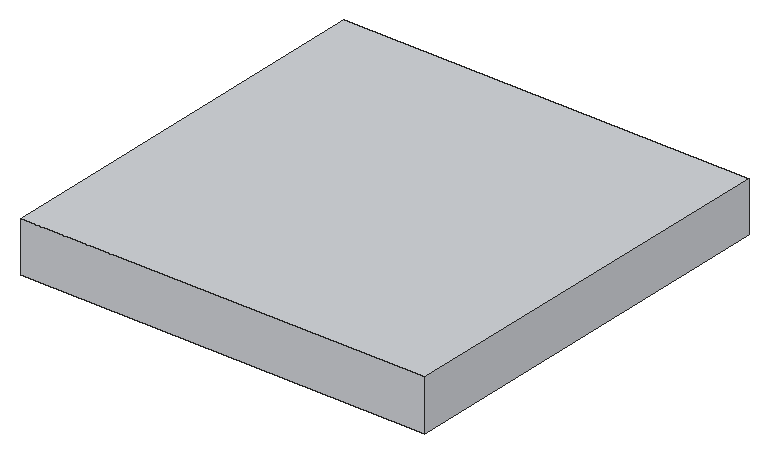
Revit family "05-E152-CA-CL", category Luminarias, Revit 2017
Family settings
  Anfitrión = Cara
  Cota de conector redondo = Diámetro de uso
  Tipo de pieza = Normal
  Número OmniClass = 23.80.70.00
  Título OmniClass = Lighting
  Corte con vacíos al cargar = No
  Origen de luz = No
  Compartido = Sí
  Punto de cálculo de habitación = No
Parameters (values of type "05-E152-CA-CL")
  Versión = "v1"
  Vatios (W) = 4.1
  Tipo de regulación = ""
  Tipo = "Proyector"
  Tender text (English) = "LEDS C4\nThor ø26mm\n05-E152-CA-CL\n\nLED Spotlight for outdoor use. \n\nFor downlighting.. Suitable for installation in marine environments. Cable meters included: 2. Adjustable light source. Structure material: Stainless steel AISI316. Structure finish: Polished. Diffuser material: Glass. Diffuser finish: Transparent. UV protection. Warranty: 5 Years.\n\nProduct net weight (Kg): 0.280\nProduct length (mm): 62\nProduct width or diameter (mm): 30\nProduct height (mm): MAX.89\n\nClass 3. IP: IP65. IK: IK02. LED. No. of lampholders or LEDs: 1. LED brand: CREE. Driver brand: TITANIC. Maximum power of light source: 2W. Colour temperature: LED warm-white 3000K. Colour rendering index: 80. MacAdam Steps: 3. Maximum diameter of luminaire bulb: 50.000h L80B20. UGR:  25.7. Photobiological risk: RG2. Real flux (lm): 169. Lm/Real W: 41. Voltage and frequency range: 24-48. Voltage: 12. Gear included: No, but it is needed. Total power: 4.1."
  Tender text (Castellano) = "LEDS C4\nThor ø26mm\n05-E152-CA-CL\n\nProyector LED de uso exterior para iluminar hacia abajo. \nApto para instalar en ambientes con atmósfera marina. Metros cable incluido: 2. Fuente de luz orientable. Material estructura: Acero inoxidable AISI 316. Acabado estructura: Pulido. Material difusor: Cristal. Acabado difusor: Transparente. Protección contra los rayos ultravioleta. Garantía: 5 Años.\n\nPeso neto del producto (Kg): 0.280\nLongitud del producto (mm): 62\nAnchura o diámetro del producto (mm): 30\nAltura del producto (mm): MAX.89\n\nClase 3. IP: IP65. IK: IK02. LED. Nº de portalámparas o Leds: 1. Marca del LED: CREE. Marca del Driver: TITANIC. Potencia máxima de la fuente de luz: 2W. Temperatura de color: Blanco cálido - 3000K. Índice de reproducción cromática: 80. Steps Mac Adam: 3. Diámetro máximo de la bombilla que admite la luminaria: 50.000h L80B20. UGR:  25.7. Riesgo fotobiológico: RG2. Flujo real (lm): 169. Lm/W reales: 41. Rango de voltaje/frecuencia: 24-48. Voltaje: 12. Equipo incluido: No, pero lo necesita. Potencia total: 4.1."
  Temperatura color led (K) = "Blanco cálido - 3000K"
  Referencia = "05-E152-CA-CL"
  Rayo de luz = "EXTRA MEDIUM, 36º"
  Producto descatalogado = "Catalogado ES"
  Pluma comercial = ""
  Peso neto (KG) = 0.28
  Material = "Acero inoxidable AISI 316, Cristal"
  Lumenes reales (lm) = 169
  LDT = "http://files.leds-c4.com/ldt/05-E152-CA-CL.html"
  Imagen web = "http://files.leds-c4.com/main-photo/05-E152-CA-CL"
  IfcExportType = "NOTDEFINED"
  IfcExportAs = "IfcLightFixture\r\nIfcLightFixture"
  IP = "IP65"
  IMC = "http://files.leds-c4.com/imc/05-E152-CA-CL.html"
  IK = "IK02"
  Fuente de luz = ""
  Fotometría = "http://files.leds-c4.com/fm/05-E152-CA-CL.html"
  Ficha = "http://files.leds-c4.com/ft/es/05-E152-CA-CL.html"
  FechaVersion = "Julio 2020"
  Familia = "Thor ø26mm"
  Fabricante = "LEDS C4"
  Etiqueta V/f = "24-48 VDC"
  Elevación por defecto = 1000 mm
  Eficiencia energética = "LED A++"
  EAN13 = "8435575319578"
  DescripcionUniformat2010 = "Lighting"
  DescripcionUniclass2015 = "Lighting"
  DescripcionOmniclass = "Lighting"
  DescripcionGubimclass = "Iluminación interior"
  CodigoUniformat2010 = "D5040"
  CodigoUniclass2015 = "EF_70_80"
  CodigoOmniclass = "21-04 50 40"
  CodigoGubimclass = "50.60.50.20"
  Catálogo = "Outdoor"
  Carga aparente = 0 VA
  CRI = 80
  Acabado = "Pulido, Transparente"
Types (2, lengths in mm): name | Lumenes reales (lm) | CRI
  (no name) | 0 | 0
  05-E152-CA-CL | 169 | 80
Values of the unnamed type that differ from the named types
  Vatios (W) = 0
  Tipo = ""
  Tender text (English) = ""
  Tender text (Castellano) = ""
  Temperatura color led (K) = ""
  Referencia = ""
  Rayo de luz = ""
  Producto descatalogado = ""
  Peso neto (KG) = 0
  Material = ""
  LDT = ""
  Imagen web = ""
  IP = ""
  IMC = ""
  IK = ""
  Fotometría = ""
  Ficha = ""
  Familia = ""
  Etiqueta V/f = ""
  Eficiencia energética = ""
  EAN13 = ""
  Catálogo = ""
  Acabado = ""
Reference planes
  plane 1 "Centro (Frontal/Posterior)": y = 0
  plane 2: z = 0
  plane 3 "Centro (Izquierda/Derecha)": x = 0
  plane 4 "Elevación de origen de luz": z = 0
  plane 5 "Eje de origen de luz (F/P)": y = 0
  plane 6 "Eje de origen de luz (I/D)": x = 0
Forms (mm)
  Extrusion 1, solid
    sketch origin (0, 0, 0) x (1, 0, 0) y (0, 1, 0)
      loop
        line (-1219.2, 1219.2) -> (-1219.2, -1219.2) -> (1219.2, -1219.2) -> (1219.2, 1219.2) -> (-1219.2, 1219.2)
    from 0 to -304.8
Dimensions and locks
  aligned and locked: plane 2 to Extrusion 1
  aligned and locked: level to Extrusion 1
Nested families
  nested 1: "Luz anidada" at (29.867, 0, 65.201), type "Tipo1"
Connectors
  electrical at (0, 0, 0)
    settings: on Extrusion 1, index 1, voltage 0 V, apparent load 0 VA, apparent load phase1 0 VA, apparent load phase2 0 VA, apparent load phase3 0 VA, power factor 1, load classification "Otro", number of poles 1, system type 31, power factor state 1, is connector primary yes, connector utility no, sub classification motor no, connector description ""
Definition of nested family "Luz anidada"
  Parameters (values of type "Tipo1")
    Tilt Angle = 27.7717°
    Wattage = 4.1 W
    Tipo de regulación = ""
    Tipo = ""
    Tender text = ""
    built-in parameter 1150110 = 1 (stored number, unit not read)
    Pluma comercial = ""
    Material = ""
    Imagen = ""
    IP = ""
    IMC = ""
    IK = ""
    Fotometría = ""
    Ficha = ""
    Familia = ""
    Estado en catálogo = ""
    Peso neto = ""
    Lamp = ""
    built-in parameter 1114217 = 1 (stored number, unit not read)
    built-in parameter 1150109 = 1 (stored number, unit not read)
    Etiqueta vf = ""
    Eficiencia energética = ""
    EAN13 = ""
    built-in parameter 1150134 = (empty or 0)
    built-in parameter 1150113 = 1 (stored number, unit not read)
    Lumens = 2391 lm
    built-in parameter 1150115 = 1 (stored number, unit not read)
    built-in parameter 1150105 = 109.82 (stored number, unit not read)
    built-in parameter 1150137 = (empty or 0)
    built-in parameter 1150139 = (empty or 0)
    built-in parameter 1150112 = 1 (stored number, unit not read)
    built-in parameter 1150114 = 1 (stored number, unit not read)
    built-in parameter 1150132 = (empty or 0)
    built-in parameter 1150102 = (empty or 0)
    built-in parameter 1150138 = (empty or 0)
    built-in parameter 1150107 = 3000 (stored number, unit not read)
    built-in parameter 1150106 = 1.0982 (stored number, unit not read)
    built-in parameter 1150104 = 3.8294 (stored number, unit not read)
    Catálogo = ""
    Dimming Lamp Color Temperature Shift = (empty or 0)
    Color Filter = 16777215
    built-in parameter 1114218 = 1 (stored number, unit not read)
    CRI = 0
    Photometric Web File = "05-E152-CA-CL.ies"
    Acabado = ""
    built-in parameter 1150133 = 10 (stored number, unit not read)
  Types (2, lengths in mm): name | Tilt Angle
    (no name) | 35.9302°
    Tipo1 | 27.7717°
  Values of the unnamed type that differ from the named types
    Wattage = 4.8 W
    built-in parameter 1150104 = 6.6 (stored number, unit not read)
  Reference planes
    plane 1 "Eje de origen de luz (F/P)": y = 0
    plane 2: z = 0
    plane 3 "Eje de origen de luz (I/D)": x = 0
    plane 4 "Elevación de origen de luz": z = 0
  Dimensions and locks
    aligned and locked: plane 3 "Eje de origen de luz (I/D)" to imposter light
    aligned and locked: plane 1 "Eje de origen de luz (F/P)" to imposter light
    aligned and locked: plane 4 "Elevación de origen de luz" to imposter light
    aligned and locked: level to plane 2
